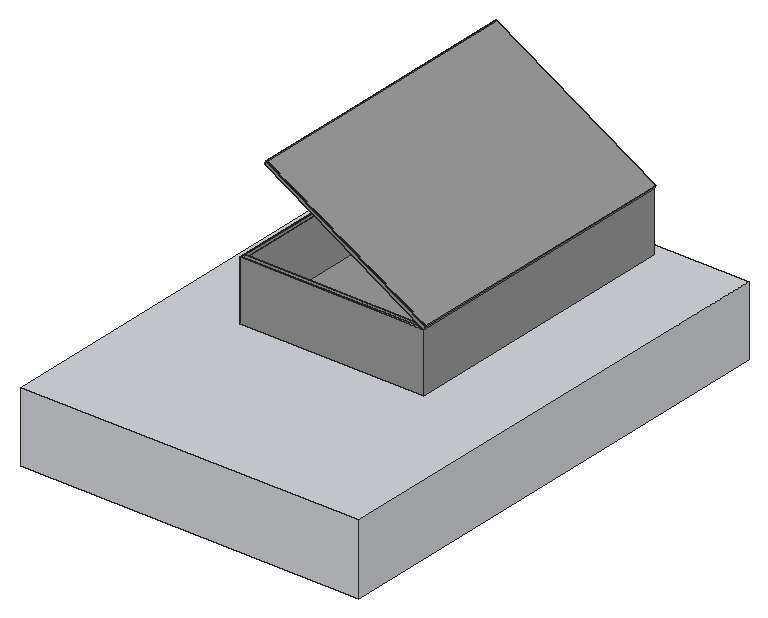
Revit family "Hager-Univers-IP55-D275-H1250-Cl.II-Steel_encl-CH-it", category Equipement électrique, Revit 2020
Family settings
  Hôte = Face
  Configuration du panneau = Deux colonnes, circuits au sein
  Cote de connecteur circulaire = Utiliser le diamètre
  Type d'élément = Tableau de raccordement
  Couper avec des vides une fois chargée = Non
  Partagée = Non
  Point de calcul de pièce = Non
Parameters (values of type "A parete IP55 L800 A1250 P275  - FR83S")
  Width Control [instance] = if([EF000008 - Larghezza] > Min Width, [EF000008 - Larghezza], Min Width)  # 800 mm
  Commentaires du type = [HG000003 - Gamma]  # "Univers"
  Thickness Door [instance] = if([EF009171 - spessore materiale porta/coperchio] > 3 mm, 3 mm, [EF009171 - spessore materiale porta/coperchio])  # 1.5 mm
  Seal Frame Offset [instance] = 17 mm  # constant formula
  Plinth Visibility [instance] = [HG000027 - Altezza dello zoccolo] > 0 mm  # no
  Model = ""
  Min Width [instance] = 100 mm  # constant formula
  Min Height [instance] = 100 mm  # constant formula
  Min Depth [instance] = (2 * [EF009170 - spessore materiale scatola]) + 1 mm  # 4 mm
  Internal Frame Depth [instance] = (Door System Depth * 0.5)  # 9 mm
  Height Control [instance] = if([EF000040 - Altezza] > Min Height, [EF000040 - Altezza], Min Height)  # 1250 mm
  HG000027 - Altezza dello zoccolo = 0 mm
  HG000026 - A pavimento = no
  HG000024 - Altezza della sezione inferiore = 800 mm
  HG000023 - Custodia a doppia sezione = no
  HG000016 - Visibilità delle porte nella vista 3D [instance] = yes
  HG000015 - Visibilità attraverso la porta [instance] = no
  HG000014 - Porta destra [instance] = yes
  HG000013 - Porta sinistra [instance] = not([HG000014 - Porta destra])  # no
  HG000012 - Angolo di apertura della porta [instance] = 30.00°
  HG000010 - Porte asimmetriche = no
  HG000009 - Porta doppia a battente = no
  HG000006 - Ad incasso = no
  HG000004 - Codice produttore = "FR83S"
  HG000003 - Gamma = "Univers"
  HG000002 - Con porta = yes
  Frame Offset Bottom [instance] = 10 mm  # constant formula
  Frame Offset [instance] = 15 mm  # constant formula
  EF015940 - Coprire con rilascio di sovrapressione = no
  EF011959 - tipo di protezione (NEMA) = ""
  EF009554 - numero delle aperture per la piastra della flangia = 6
  Fabricant = "Hager"  # constant formula
  EF009212 - esecuzione coperchio = "EV000116 - chiuso"
  EF009171 - spessore materiale porta/coperchio = 1.5 mm
  EF009170 - spessore materiale scatola = 1.5 mm
  EF008873 - corrente nominale (In) = 800 A
  EF007800 - adatto per parafulmine = no
  EF006306 - con serratura = no
  EF006244 - coperchio/porta trasparente = no
  EF005474 - grado di protezione (IP) = "EV006420 - IP55"
  EF004464 - tipo di porta = "EV002646 - singolo"
  EF004427 - numero di moduli = 288
  EF004293 - resistenza agli urti = "EV008784 - IK10"
  EF003532 - adatto per uso esterno = no
  EF002950 - Numero moduli DIN = 24
  EF001613 - Integrità del circuito = "EV000494 - senza"
  EF001596 - Attacco Lampada = "EV000179 - acciaio"
  EF001131 - profondità interna = 275 mm
  EF001088 - possibilità di applicazione = yes
  EF000437 - numero di ingressi per conduttori = 6
  EF000339 - tipo di copertura = "EV004216 - porta"
  EF000266 - numero di file = 8
  EF000218 - profondità di incasso = 0 mm
  EF000118 - con piastra di montaggio = no
  EF000116 - numero RAL = "7035"
  EF000049 - profondità = 275 mm
  EF000040 - Altezza = 1250 mm
  EF000008 - Larghezza = 800 mm
  EF000007 - colore = "EV000270 - grigio"
  EF000003 - Tipo di montaggio = "EV000384 - A parete"
  Door System Leaf Tolerance [instance] = 1.5 mm  # constant formula
  Door System Depth [instance] = 18 mm  # constant formula
  Door Height [instance] = Height Control - [HG000027 - Altezza dello zoccolo]  # 1250 mm
  Depth Control [instance] = if([EF000049 - profondità] > Min Depth, [EF000049 - profondità], Min Depth)  # 275 mm
  Default Elevation = 0 mm
  Connector Offset [instance] = Height Control / 2  # 625 mm
  Bottom Top Plate Trim [instance] = 1.5 mm  # constant formula
  Plinth height Ctrl [instance] = if([HG000027 - Altezza dello zoccolo] > 0 mm, [HG000027 - Altezza dello zoccolo], 12 mm)  # 12 mm
Types (5, lengths in mm): name | Width Control | HG000010 - Porte asimmetriche | HG000009 - Porta doppia a battente | HG000004 - Codice produttore | EF009554 - numero delle aperture per la piastra della flangia | EF004464 - tipo di porta | EF004427 - numero di moduli | EF000437 - numero di ingressi per conduttori | EF000008 - Larghezza
  A parete IP55 L1050 A1250 P275  - FR84S | 1050 | no | yes | "FR84S" | 8 | "EV003602 - doppio" | 384 | 8 | 1050
  A parete IP55 L1300 A1250 P275  - FR85S | 1300 | yes | yes | "FR85S" | 10 | "EV003602 - doppio" | 480 | 10 | 1300
  A parete IP55 L300 A1250 P275  - FR81S | 300 | no | no | "FR81S" | 2 | "EV002646 - singolo" | 96 | 2 | 300
  A parete IP55 L550 A1250 P275  - FR82S | 550 | no | no | "FR82S" | 4 | "EV002646 - singolo" | 192 | 4 | 550
  A parete IP55 L800 A1250 P275  - FR83S | 800 | no | no | "FR83S" | 6 | "EV002646 - singolo" | 288 | 6 | 800
Reference planes
  plane 1 "Center (Front/Back)": y = 0
  plane 2: z = 0
  plane 3 "Center (Left/Right)": x = 0
  plane 4: z = 275
  plane 5: y = 1.5
  plane 6: y = 625
  plane 7: y = 0
  plane 8: y = 1250
  plane 9: z = 0
  plane 10: x = -385
  plane 11: x = 385
  plane 12: x = 383.5
  plane 13: x = -383.5
  plane 14: y = 1248.5
  plane 15: x = -383
  plane 16: x = -400
  plane 17: x = 383
  plane 18: x = 400
  plane 19: x = 398.5
  plane 20: x = -398.5
  plane 21: y = 11.5
  plane 22: y = 1250
  plane 23: y = 1233.5
  plane 24: z = 257
  plane 25: z = 1.5
  plane 26: z = 255.5
  plane 27: z = 273.5
Forms (mm)
  Extrusion 1, solid
    sketch origin (0, 0, 0) x (1, 0, 0) y (0, 1, 0)
      loop
        line (-702.964, 1305) -> (-702.964, -811.445) -> (766.763, -811.445) -> (766.763, 1305) -> (-702.964, 1305)
    from 0 to -304.8
  Extrusion 2, solid, material "Hager_Steel_RAL7035_Light_Grey", visible <- "Plinth Visibility", detail levels medium+fine
    sketch origin (0, 0, 0) x (1, 0, 0) y (0, 1, 0)
      loop
        line (-400, 0) -> (400, 0) -> (400, 12) -> (-400, 12) -> (-400, 0)
    from 0 to 257
  Extrusion 3, solid, material "Hager_Steel_RAL7035_Light_Grey", detail levels medium+fine
    sketch origin (0, 0, 0) x (1, 0, 0) y (0, 1, 0)
      loop
        line (-400, 0) -> (400, 0) -> (400, 1250) -> (-400, 1250) -> (-400, 0)
    from 0 to 257
  Extrusion 4, void
    sketch origin (0, 0, 0) x (1, 0, 0) y (0, 1, 0)
      loop
        line (-398.5, 1.5) -> (398.5, 1.5) -> (398.5, 1248.5) -> (-398.5, 1248.5) -> (-398.5, 1.5)
    from 1.5 to 255.5
  Extrusion 5, void
    sketch origin (-381.607, -4572, 257) x (0, -1, 0) y (-1, 0, 0)
      loop
        line (-4583.5, 1.893) -> (-5805.5, 1.893) -> (-5805.5, -765.107) -> (-4583.5, -765.107) -> (-4583.5, 1.893)
    from 0 to 1.5 <- "EF009170 - spessore materiale scatola"
  Extrusion 6, solid, material "Hager_Steel_RAL7035_Light_Grey", detail levels fine
    sketch origin (0, 0, 257) x (1, 0, 0) y (0, 1, 0)
      loop
        line (-383.5, 1233.5) -> (-383.5, 11.5) -> (383.5, 11.5) -> (383.5, 1233.5) -> (-383.5, 1233.5)
      loop
        line (-385, 10) -> (385, 10) -> (385, 1235) -> (-385, 1235) -> (-385, 10)
    from 0 to 9 <- "Internal Frame Depth"
  Extrusion 7, solid, material "Hager_Steel_RAL7035_Light_Grey", detail levels coarse
    sketch origin (0, 0, 0) x (1, 0, 0) y (0, 1, 0)
      loop
        line (-400, 0) -> (400, 0) -> (400, 1250) -> (-400, 1250) -> (-400, 0)
    from 0 to 275
  Sweep 8, void
    path in 3D
      loop
        line (-400, 12, 0) -> (400, 12, 0) -> (400, 12, 257) -> (-400, 12, 257) -> (-400, 12, 0)
    profile origin (-400, 12, 128.5) x (-1, 0, 0) y (0, -1, 0)
      loop
        line (0, 0) -> (0, 1.5) -> (-1.5, 1.5)
        arc (-1.5, 1.5) -> (-1.061, 0.439) -> (0, 0) r 1.5
Cuts and joins
  Extrusion 4, Extrusion 5 cuts Extrusion 3
  Sweep 8 cuts Extrusion 2
Lines and regions (mm)
  Masking region 1
    outline origin (0, 0, 0) x (1, 0, 0) y (0, 0, 1)
      loop
        line (-400, 275) -> (-400, 0) -> (400, 0) -> (400, 275) -> (-400, 275)
  Masking region 2, detail levels medium+fine
    outline origin (0, 140, 0) x (0, 1, 0) y (0, 0, 1)
      loop
        line (-140, 0) -> (1110, 0) -> (1110, 257) -> (-140, 257) -> (-140, 0)
  Masking region 3, not visible, detail levels medium+fine
    outline origin (0, 297.922, 0) x (0, 1, 0) y (0, 0, 1)
      loop
        line (338.578, 0) -> (378.578, 0) -> (378.578, 263.5)
        arc (378.578, 263.5) -> (375.649, 270.571) -> (368.578, 273.5) r 10
        line (368.578, 273.5) -> (338.578, 273.5) -> (338.578, 0)
  Masking region 4, detail levels coarse
    outline origin (0, 0, 180) x (0, 1, 0) y (0, 0, 1)
      loop
        line (0, -180) -> (1250, -180) -> (1250, 95) -> (0, 95) -> (0, -180)
  Masking region 5, visible <- "Plinth Visibility", detail levels medium+fine
    outline origin (0, 52.24, 12.345) x (0, 0, -1) y (0, 1, 0)
      loop
        line (10.845, -40.24) -> (-243.155, -40.24)
        arc (-243.155, -40.24) -> (-243.594, -41.301) -> (-244.655, -41.74) r 1.5
        line (-244.655, -41.74) -> (-244.655, -52.24) -> (12.345, -52.24) -> (12.345, -41.74)
        arc (12.345, -41.74) -> (11.285, -41.301) -> (10.845, -40.24) r 1.5
  Masking region 6, detail levels medium+fine
    outline origin (-381.607, -4572, 257) x (-1, 0, 0) y (0, -1, 0)
      loop
        line (18.393, -5822) -> (18.393, -4572) -> (-781.607, -4572) -> (-781.607, -5822) -> (18.393, -5822)
  Masking region 7, visible <- "Plinth Visibility", detail levels medium+fine
    outline origin (-381.607, -4727, 257) x (-1, 0, 0) y (0, -1, 0)
      loop
        arc (16.893, -4739) -> (17.332, -4737.939) -> (18.393, -4737.5) r 1.5
        line (18.393, -4737.5) -> (18.393, -4727) -> (-781.607, -4727) -> (-781.607, -4737.5)
        arc (-781.607, -4737.5) -> (-780.546, -4737.939) -> (-780.107, -4739) r 1.5
        line (-780.107, -4739) -> (16.893, -4739)
  Masking region 8, detail levels coarse
    outline origin (-442.548, -4669.526, 257) x (-1, 0, 0) y (0, -1, 0)
      loop
        line (-42.548, -5919.526) -> (-42.548, -4669.526) -> (-842.548, -4669.526) -> (-842.548, -5919.526) -> (-42.548, -5919.526)
  sketch lines
    curve 1: line (-400, 12, 257) -> (-400, 12, 0)
    curve 2: line (400, 12, 257) -> (-400, 12, 257)
    curve 3: line (400, 12, 257) -> (400, 12, 0)
    curve 4: line (-400, 12, 0) -> (400, 12, 0)
Dimensions and locks
  "Depth Control": plane 4 to Extrusion 1
  "HG000027 - Altezza dello zoccolo": plane 1 "Center (Front/Back)" to plane 7
  "EF009170 - spessore materiale scatola": plane 5 to plane 7
  locked: connector elem to plane 3 "Center (Left/Right)"
  equal spacing: plane 8, plane 6, plane 7
  locked: connector elem to plane 6
  "EF009170 - spessore materiale scatola": plane 8 to plane 14
  "EF009170 - spessore materiale scatola": plane 10 to plane 13
  "EF009170 - spessore materiale scatola": plane 12 to plane 11
  "Frame Offset": plane 20 to plane 13
  "Frame Offset": plane 12 to plane 19
  "EF009170 - spessore materiale scatola": plane 16 to plane 20
  "EF009170 - spessore materiale scatola": plane 19 to plane 18
  "Seal Frame Offset": plane 16 to plane 15
  "Seal Frame Offset": plane 17 to plane 18
  "Frame Offset Bottom": plane 21 to plane 5
  "Frame Offset": plane 14 to plane 23
  equal spacing: plane 16, plane 3 "Center (Left/Right)", plane 18
  "Width Control": plane 16 to plane 18
  "EF009170 - spessore materiale scatola": plane 4 to plane 27
  "EF009170 - spessore materiale scatola": plane 24 to plane 26
  "EF009170 - spessore materiale scatola": plane 25 to level
  "Door System Depth": plane 4 to plane 24
  "Height Control": plane 1 "Center (Front/Back)" to Extrusion 7 sketch curve
  "Height Control": Masking region 4 sketch curve to plane 1 "Center (Front/Back)"
  "Height Control": plane 1 "Center (Front/Back)" to plane 22
  "Bottom Top Plate Trim": profile plane to Sweep 8 sketch curve
  "Bottom Top Plate Trim": Sweep 8 sketch curve to profile plane
  "Plinth height Ctrl": plane 1 "Center (Front/Back)" to Extrusion 2 sketch curve
  "Plinth height Ctrl": Masking region 5 sketch curve to plane 1 "Center (Front/Back)"
  "Plinth height Ctrl": plane 1 "Center (Front/Back)" to Masking region 7 sketch curve
  "Thickness Door": Extrusion 6 sketch curve to Extrusion 6 sketch curve  (x3)
  "Thickness Door": cut or joined group of Extrusion 3, Extrusion 4, Extrusion 5 to Extrusion 6 sketch curve
  radius of Masking region 3 sketch curve = 10 mm
  "Bottom Top Plate Trim": radius of Masking region 5 sketch curve  (x2)
  "Bottom Top Plate Trim": radius of Sweep 8 sketch curve
  "Bottom Top Plate Trim": radius of Masking region 7 sketch curve  (x2)
  aligned and locked: plane 2 to Extrusion 1
  aligned and locked: level to Extrusion 1
  aligned and locked: level to Masking region 1 sketch curve
  aligned and locked: Masking region 1 sketch curve to plane 18
  aligned and locked: Masking region 1 sketch curve to plane 16
  aligned and locked: plane 7 to Masking region 2 sketch curve
  aligned and locked: level to Masking region 3 sketch curve
  aligned and locked: Masking region 3 sketch curve to plane 27
  aligned and locked: level to Masking region 2 sketch curve
  aligned and locked: plane 1 "Center (Front/Back)" to Extrusion 2 sketch curve
  aligned and locked: Extrusion 3 sketch curve to plane 7
  aligned and locked: plane 16 to Extrusion 3 sketch curve
  aligned and locked: plane 18 to Extrusion 3 sketch curve
  aligned and locked: plane 20 to Extrusion 4 sketch curve
  aligned and locked: plane 19 to Extrusion 4 sketch curve
  aligned and locked: Extrusion 4 sketch curve to plane 5
  aligned and locked: Extrusion 4 to plane 25
  aligned and locked: plane 26 to Extrusion 4
  aligned and locked: plane 24 to Extrusion 3
  aligned and locked: Extrusion 5 sketch curve to plane 21
  aligned and locked: Extrusion 5 sketch curve to plane 13
  aligned and locked: Extrusion 5 sketch curve to plane 12
  aligned and locked: plane 18 to Extrusion 7 sketch curve
  aligned and locked: plane 1 "Center (Front/Back)" to Extrusion 7 sketch curve
  aligned and locked: plane 16 to Extrusion 7 sketch curve
  aligned and locked: plane 4 to Extrusion 7
  aligned and locked: Extrusion 7 to level
  aligned and locked: level to Masking region 4 sketch curve
  aligned and locked: Masking region 4 sketch curve to plane 1 "Center (Front/Back)"
  aligned and locked: Masking region 4 sketch curve to plane 4
  aligned and locked: nested 1 to level
  aligned and locked: nested 1 to plane 16
  aligned and locked: plane 8 to Extrusion 3 sketch curve
  aligned and locked: plane 23 to Extrusion 5 sketch curve
  aligned and locked: plane 14 to Extrusion 4 sketch curve
  aligned and locked: Masking region 2 sketch curve to plane 8
  aligned and locked: level to Masking region 5 sketch curve
  aligned and locked: plane 16 to Extrusion 2 sketch curve
  aligned and locked: plane 18 to Extrusion 2 sketch curve
  aligned and locked: Masking region 5 sketch curve to plane 24
  aligned and locked: Masking region 2 sketch curve to plane 24
  aligned and locked: plane 24 to Extrusion 2
  aligned and locked: profile plane to Sweep 8 sketch curve  (x2)
  aligned and locked: Masking region 6 sketch curve to plane 18
  aligned and locked: Masking region 6 sketch curve to plane 22
  aligned and locked: Masking region 6 sketch curve to plane 16
  aligned and locked: plane 8 to plane 22
  aligned and locked: Masking region 6 sketch curve to plane 7
  aligned and locked: Masking region 7 sketch curve to plane 16
  aligned and locked: Masking region 7 sketch curve to plane 1 "Center (Front/Back)"
  aligned and locked: Masking region 7 sketch curve to plane 18
  aligned and locked: Masking region 8 sketch curve to plane 1 "Center (Front/Back)"
  aligned and locked: Masking region 8 sketch curve to plane 18
  aligned and locked: Masking region 8 sketch curve to plane 22
  aligned and locked: Masking region 8 sketch curve to plane 16
  aligned and locked: nested 2 to plane 7
  aligned and locked: plane 3 "Center (Left/Right)" to nested 2
  aligned and locked: nested 2 to plane 24
  aligned and locked: Extrusion 6 sketch curve to cut or joined group of Extrusion 3, Extrusion 4, Extrusion 5  (x4)
Automatic sketch dimensions
  Extrusion 1 sketch curve to Extrusion 1 sketch curve = 1469.727 mm
  Extrusion 1 sketch curve to Extrusion 1 sketch curve = 2116.445 mm
  Masking region 1 sketch curve to plane 4 = 0 mm
  plane 6 to Masking region 3 sketch curve = 11.5 mm
  Masking region 3 sketch curve to Masking region 3 sketch curve = 30 mm
  Masking region 5 sketch curve to plane 1 "Center (Front/Back)" = 0 mm
Nested families
  nested 1: "Hager_Enclosure_Symbol" at (-400, 0, 0) x (1, 0, 0) z (0, -1, 0), Height <- "Depth Control", Width <- "Width Control", type "Hager_Enclosure_Symbol"
    with Width_Ctrl 800 mm, Width 800 mm, Height_Ctrl 275 mm, Height 275 mm, A_Width_Int 18.047 mm, A_Width 216.562 mm, A_Height_Ctrl 240.625 mm, A_Height 240.625 mm
  nested 2: "EC000058_Univers_Door" at (0, 0, 257) x (1, 0, 0) z (0, 1, 0), Leaf_Tolerance <- "Door System Leaf Tolerance", Angle <- "HG000012 - Angolo di apertura della porta", Door_Depth <- "Door System Depth", Door_Left <- "HG000013 - Porta sinistra", Transparent <- "EF006244 - coperchio/porta trasparente", Assymetrical <- "HG000010 - Porte asimmetriche", Width <- "Width Control", Clearance <- "HG000015 - Visibilità attraverso la porta", Double <- "HG000009 - Porta doppia a battente", 3d_Door <- "HG000016 - Visibilità delle porte nella vista 3D", Lock_Visibility <- "EF006306 - con serratura", Width_Ctrl <- "Width Control", Door_Right <- "HG000014 - Porta destra", Door <- "HG000002 - Con porta", Height <- "Door Height", Thickness <- "Thickness Door", type "EC000058_Univers_Door", detail levels medium+fine
    with min_wh 4 mm, Width_Ctrl 800 mm, Width 800 mm, Transparent no, Thickness 1.5 mm, Seal_Material Hager_Rubber, Lock_Visibility no, Lock_Material Hager_Plastic_RAL9005_Jet_Black, Leaf_Width 800 mm, Leaf_Tolerance_External_Sides 0 mm, Leaf_Tolerance 1.5 mm, Leaf_Offset 0 mm, Leaf_Height 1247 mm, Leaf_2_Width 800 mm, Leaf_2_Offset 400 mm, Leaf_1_Width 800 mm, Leaf_1_Offset 400 mm, Height_Ctrl 1250 mm, Height 1250 mm, Glass_Material Hager_Glass, Double_Clearance_Ctrl no, Double no, Door_Right_Ctrl yes, Door_Right yes, Door_Material Hager_Steel_RAL7035_Light_Grey, Door_Left_Ctrl no, Door_Left no, Door_Depth 18 mm, Door yes, Clearance_Material Hager_Clearance, Clearance_Depth 800 mm, Clearance_Ctrl no, Clearance no, Assymetrical no, Angle 30.00°, 3d_Door yes
Connectors
  electrical at (0, 625, 0)
    settings: on plane 9, index 1, voltage 0 V, apparent load 0 VA, apparent load phase1 0 VA, apparent load phase2 0 VA, apparent load phase3 0 VA, power factor 1, load classification "Other", number of poles 1, system type 30, power factor state 1, is connector primary yes, connector utility no, sub classification motor no, connector description ""
Definition of nested family "EC000058_Univers_Door"
  Parameters (values of type "EC000058_Univers_Door")
    min_wh [instance] = (2 * Thickness) + 1 mm  # 11 mm
    Width_Ctrl [instance] = 400 mm
    Width [instance] = 500 mm
    Transparent [instance] = yes
    Thickness [instance] = 5 mm
    Seal_Material [instance] = none
    Lock_Visibility [instance] = yes
    Lock_Material [instance] = none
    Leaf_Width [instance] = if((Width_Ctrl - 2 * Leaf_Tolerance_External_Sides) > 0 mm, (Width_Ctrl - 2 * Leaf_Tolerance_External_Sides), min_wh)  # 400 mm
    Leaf_Tolerance_External_Sides [instance] = 0 mm  # constant formula
    Leaf_Tolerance [instance] = 1.5 mm
    Leaf_Offset [instance] = 0 mm  # constant formula
    Leaf_Height [instance] = if((Height_Ctrl - 2 * Leaf_Tolerance) > 0 mm, (Height_Ctrl - 2 * Leaf_Tolerance), min_wh)  # 497 mm
    Leaf_2_Width [instance] = if(and(and(Double, Assymetrical), Door_Left), (Leaf_Width / 3) - (Leaf_Tolerance / 2), if(and(and(Double, Assymetrical), Door_Right), (Leaf_Width / 3) * 2 - (Leaf_Tolerance / 2), if(and(Double, not(Assymetrical)), (Leaf_Width / 2) - Leaf_Tolerance, Leaf_Width)))  # 400 mm
    Leaf_2_Offset [instance] = if(and(Double, Assymetrical), Leaf_2_Width / 2, if(and(Double, not(Assymetrical)), Leaf_Width / 4, Leaf_Width / 2))  # 200 mm
    Leaf_1_Width [instance] = if(and(and(Double, Assymetrical), Door_Right), (Leaf_Width / 3) - (Leaf_Tolerance / 2), if(and(and(Double, Assymetrical), Door_Left), (Width / 3) * 2 - (Leaf_Tolerance / 2), if(and(Double, not(Assymetrical)), (Leaf_Width / 2) - Leaf_Tolerance, Leaf_Width)))  # 400 mm
    Leaf_1_Offset [instance] = if(and(Double, Assymetrical), Leaf_1_Width / 2, if(and(Double, not(Assymetrical)), Leaf_Width / 4, Leaf_Width / 2))  # 200 mm
    Height_Ctrl [instance] = if(Height > min_wh, Height, min_wh)  # 500 mm
    Height [instance] = 500 mm
    Glass_Material [instance] = none
    Double_Clearance_Ctrl [instance] = and(Double, Clearance)  # no
    Double [instance] = no
    Door_Right_Ctrl [instance] = and(or(Door_Right, Double), Door)  # yes
    Door_Right [instance] = yes
    Door_Material [instance] = none
    Door_Left_Ctrl [instance] = and(or(Door_Left, Double), Door)  # no
    Door_Left [instance] = no
    Door_Depth [instance] = 30 mm
    Door [instance] = yes
    Default Elevation = 1219.2 mm
    Clearance_Material [instance] = none
    Clearance_Depth [instance] = if(Leaf_1_Width > Leaf_2_Width, Leaf_1_Width, Leaf_2_Width)  # 400 mm
    Clearance_Ctrl [instance] = and(not(Double), Clearance)  # yes
    Clearance [instance] = yes
    Assymetrical [instance] = yes
    Angle [instance] = 30.00°
    3d_Door [instance] = yes
  Reference planes
    plane 1 "Center (Front/Back)": y = 0
    plane 2 "Bottom": z = 0
    plane 3 "Center (Left/Right)": x = 0
    plane 4: z = 500
    plane 5: x = -200
    plane 6: x = 200
    plane 7: z = 500
    plane 8: x = -200
    plane 9: z = 0
    plane 10: x = 200
    plane 11: y = 0
    plane 12: z = 1.5
    plane 13: x = -600
    plane 14: y = -400
    plane 15: x = 600
    plane 16: x = 0
    plane 17: x = 0
    plane 18: x = -200
    plane 19: x = 200
    plane 20: z = 498.5
  Forms (mm)
    Extrusion 1, solid, material <- "Clearance_Material", visible <- "Double_Clearance_Ctrl"
      sketch origin (1200, 0, 0) x (1, 0, 0) y (0, 0, -1)
        loop
          line (-1800, -498.5) -> (-600, -498.5) -> (-600, 0) -> (-1800, 0) -> (-1800, -498.5)
      from 0 to -400
  Dimensions and locks
    equal spacing: plane 5, plane 3 "Center (Left/Right)", plane 6
    "Width_Ctrl": plane 5 to plane 6
    "Leaf_Offset": plane 5 to plane 8
    "Leaf_Offset": plane 6 to plane 10
    "Leaf_Offset": plane 9 to level
    "Leaf_Offset": plane 4 to plane 7
    "Height_Ctrl": plane 4 to level
    "Leaf_Tolerance": plane 12 to plane 9
    locked: plane 11 to plane 1 "Center (Front/Back)"
    "Leaf_1_Offset": plane 18 to plane 16
    "Leaf_2_Offset": plane 17 to plane 19
    "Leaf_1_Width": plane 13 to plane 8
    "Leaf_2_Width": plane 10 to plane 15
    "Clearance_Depth": plane 14 to plane 1 "Center (Front/Back)"
    "Leaf_Tolerance_External_Sides": plane 8 to plane 18
    "Leaf_Tolerance_External_Sides": plane 19 to plane 10
    "Leaf_Tolerance": plane 7 to plane 20
    aligned and locked: level to plane 2 "Bottom"
    aligned and locked: nested 1 to plane 16
    aligned and locked: nested 2 to plane 17
    aligned and locked: Extrusion 1 to plane 13
    aligned and locked: plane 15 to Extrusion 1
    aligned and locked: Extrusion 1 to plane 14
    aligned and locked: plane 12 to nested 1
    aligned and locked: nested 2 to plane 12
    aligned and locked: Extrusion 1 to plane 11
    aligned and locked: plane 20 to Extrusion 1
    aligned and locked: nested 2 to plane 11
    aligned and locked: nested 1 to plane 11
  Automatic sketch dimensions
    Extrusion 1 sketch curve to level = 0 mm
    plane 5 to Extrusion 1 sketch curve = 400 mm
    plane 6 to Extrusion 1 sketch curve = 400 mm
    Extrusion 1 sketch curve to plane 4 = 1.5 mm
  Nested families
    nested 1: "EC000058_Univers_Door_Leaf" at (0, 0, 1.5), Width <- "Leaf_1_Width", visible <- "Door_Left_Ctrl", Leaf_Height <- "Leaf_Height", Angle <- "Angle", 3d_Door <- "3d_Door", Transparent <- "Transparent", Clearance Material <- "Clearance_Material", Clearance <- "Clearance_Ctrl", Door_Material <- "Door_Material", Glass_Material <- "Glass_Material", Door_Depth <- "Door_Depth", Lock_Material <- "Lock_Material", Seal_Material <- "Seal_Material", Lock_Visibility <- "Lock_Visibility", Thickness <- "Thickness", type "EC000058_Univers_Door_Leaf"
      with Width 400 mm, Transparent_Glass_Offset 30 mm, Transparent_Ctrl yes, Transparent yes, Thickness 5 mm, Standard no, Seal_Material none, Seal_D2 8 mm, Seal_D1 1 mm, Offset_Internal_Frame 10 mm, Lock_Width 20 mm, Lock_Visibility_3d yes, Lock_Visibility yes, Lock_Thickness_3 3 mm, Lock_Thickness_2 1 mm, Lock_Thickness_1 3 mm, Lock_Radius_Offset_2 16 mm, Lock_Radius_Offset_1 15 mm, Lock_Radius_2 5 mm, Lock_Radius 6 mm, Lock_Offset 5 mm, Lock_Material none, Lock_Height 80 mm, Lock_Cover_Top_Offset_2d 17 mm, Lock_Cover_Height -65 mm, Leaf_Height 497 mm, Internal_Seal_Thickness 8 mm, Internal_Seal_Depth_2 4.5 mm, Internal_Frame_Depth 25 mm, Glass_Thickness -1 mm, Glass_Offset -2 mm, Glass_Material none, Door_Material none, Door_Depth 30 mm, Clearance Material none, Clearance yes, Angle_Ctrl 30.00°, Angle 30.00°, 3d_Door yes
    nested 2: "EC000058_Univers_Door_Leaf" at (0, 0, 1.5) x (-1, 0, 0) z (0, 0, 1), Width <- "Leaf_2_Width", visible <- "Door_Right_Ctrl", Leaf_Height <- "Leaf_Height", Angle <- "Angle", 3d_Door <- "3d_Door", Transparent <- "Transparent", Clearance Material <- "Clearance_Material", Clearance <- "Clearance_Ctrl", Door_Material <- "Door_Material", Glass_Material <- "Glass_Material", Door_Depth <- "Door_Depth", Lock_Material <- "Lock_Material", Seal_Material <- "Seal_Material", Lock_Visibility <- "Lock_Visibility", Thickness <- "Thickness", type "EC000058_Univers_Door_Leaf"
      with Width 400 mm, Transparent_Glass_Offset 30 mm, Transparent_Ctrl yes, Transparent yes, Thickness 5 mm, Standard no, Seal_Material none, Seal_D2 8 mm, Seal_D1 1 mm, Offset_Internal_Frame 10 mm, Lock_Width 20 mm, Lock_Visibility_3d yes, Lock_Visibility yes, Lock_Thickness_3 3 mm, Lock_Thickness_2 1 mm, Lock_Thickness_1 3 mm, Lock_Radius_Offset_2 16 mm, Lock_Radius_Offset_1 15 mm, Lock_Radius_2 5 mm, Lock_Radius 6 mm, Lock_Offset 5 mm, Lock_Material none, Lock_Height 80 mm, Lock_Cover_Top_Offset_2d 17 mm, Lock_Cover_Height -65 mm, Leaf_Height 497 mm, Internal_Seal_Thickness 8 mm, Internal_Seal_Depth_2 4.5 mm, Internal_Frame_Depth 25 mm, Glass_Thickness -1 mm, Glass_Offset -2 mm, Glass_Material none, Door_Material none, Door_Depth 30 mm, Clearance Material none, Clearance yes, Angle_Ctrl 30.00°, Angle 30.00°, 3d_Door yes
  Definition of nested family "EC000058_Univers_Door_Leaf"
    Parameters (values of type "EC000058_Univers_Door_Leaf")
      Width [instance] = 2000 mm
      Transparent_Glass_Offset [instance] = 30 mm
      Transparent_Ctrl [instance] = and(Transparent, [3d_Door])  # yes
      Transparent [instance] = yes
      Thickness [instance] = 5 mm
      Standard [instance] = and(not(Transparent), [3d_Door])  # no
      Seal_Material [instance] = none
      Seal_D2 [instance] = 8 mm  # constant formula
      Seal_D1 [instance] = 1 mm  # constant formula
      Offset_Internal_Frame [instance] = 10 mm  # constant formula
      Lock_Width [instance] = 20 mm  # constant formula
      Lock_Visibility_3d [instance] = and(Lock_Visibility, [3d_Door])  # yes
      Lock_Visibility [instance] = yes
      Lock_Thickness_3 [instance] = 3 mm  # constant formula
      Lock_Thickness_2 [instance] = 1 mm  # constant formula
      Lock_Thickness_1 [instance] = 3 mm  # constant formula
      Lock_Radius_Offset_2 [instance] = Lock_Radius_Offset_1 + 1 mm  # 16 mm
      Lock_Radius_Offset_1 [instance] = 15 mm  # constant formula
      Lock_Radius_2 [instance] = Lock_Radius - 1 mm  # 5 mm
      Lock_Radius [instance] = 6 mm  # constant formula
      Lock_Offset [instance] = 5 mm  # constant formula
      Lock_Material [instance] = none
      Lock_Height [instance] = 80 mm  # constant formula
      Lock_Cover_Top_Offset_2d [instance] = Lock_Radius_Offset_2 + 1 mm  # 17 mm
      Lock_Cover_Height [instance] = -(Lock_Height - Lock_Radius_Offset_1)  # -65 mm
      Leaf_Height [instance] = 2720.336 mm
      Internal_Seal_Thickness [instance] = 8 mm  # constant formula
      Internal_Seal_Depth_2 [instance] = 4.5 mm  # constant formula
      Internal_Frame_Depth [instance] = if(Door_Depth - Thickness > 5 mm, Door_Depth - Thickness, 5 mm)  # 25 mm
      Glass_Thickness [instance] = if(Thickness > 15 mm, Glass_Offset + 10 mm, -1 mm)  # -1 mm
      Glass_Offset [instance] = if(Thickness > 15 mm, -(Thickness + 10 mm) / 2, -2 mm)  # -2 mm
      Glass_Material [instance] = none
      Door_Material [instance] = none
      Door_Depth [instance] = 30 mm
      Default Elevation = 0 mm
      Clearance Material [instance] = none
      Clearance [instance] = yes
      Angle_Ctrl [instance] = if(Angle > 180.00°, 180.00°, Angle)  # 90.00°
      Angle [instance] = 90.00°
      3d_Door [instance] = yes
    Reference planes
      plane 1 "Center (Front/Back)": y = 0
      plane 2: z = 0
      plane 3 "Center (Left/Right)": x = 0
      plane 4: y = 2000
      plane 5: x = -1000
      plane 6: x = 1000
      plane 7: x = -3000
      plane 8: z = 2720.336
      plane 9: z = 30
      plane 10: z = 2690.336
      plane 11: x = 970
      plane 12: x = -970
      plane 13: y = -3
      plane 14: z = 107.833
      plane 15: y = -5
      plane 16: y = -223.314
      plane 17: x = -1000
      plane 18: z = 1360.168
      plane 19: y = 30
    Forms (mm)
      Extrusion 1, solid, material <- "Clearance Material", visible <- "Clearance"
        sketch origin (0, 0, 0) x (1, 0, 0) y (0, 0, 1)
          loop
            line (-3000, 2720.336) -> (-3000, 0) -> (1000, 0) -> (1000, 2720.336) -> (-3000, 2720.336)
        from 0 to -2000
      Extrusion 2, solid, material <- "Door_Material", visible <- "Standard", detail levels medium+fine
        sketch origin (-1000, 0, 0) x (0, 1, 0) y (-1, 0, 0)
          loop
            line (0, 30) -> (0, 25) -> (2000, 25) -> (2000, 30) -> (0, 30)
        from 0 to 2720.336 <- "Leaf_Height"
      Extrusion 3, solid, material <- "Door_Material", visible <- "Transparent_Ctrl", detail levels medium+fine
        sketch origin (-1000, 0, 0) x (0, 1, 0) y (-1, 0, 0)
          loop
            line (0, 25) -> (2000, 25) -> (2000, 30) -> (0, 30) -> (0, 25)
        from 0 to 2720.336 <- "Leaf_Height"
      Extrusion 4, void
        sketch origin (-1025, 2000, 0) x (0, 1, 0) y (0, 0, -1)
          loop
            line (-30, -2690.336) -> (-30, -30) -> (-1970, -30) -> (-1970, -2690.336) -> (-30, -2690.336)
        from 0 to 5 <- "Thickness"
      Sweep 5, solid, material <- "Seal_Material", visible <- "Transparent_Ctrl", detail levels fine
        path in 3D
          loop
            line (-1025, 30, 30) -> (-1025, 30, 2690.336) -> (-1025, 1970, 2690.336) -> (-1025, 1970, 30) -> (-1025, 30, 30)
        profile origin (-1025, 1000, 30) x (1, 0, 0) y (0, 0, 1)
          loop
            line (0, 0) -> (0, -8) -> (1, -8) -> (1, 0) -> (0, 0)
      Extrusion 6, solid, material <- "Glass_Material", visible <- "Transparent_Ctrl", detail levels medium+fine
        sketch origin (-1030, 0, 0) x (0, 1, 0) y (0, 0, -1)
          loop
            line (1970, -2690.336) -> (1970, -30) -> (30, -30) -> (30, -2690.336) -> (1970, -2690.336)
        from -2 <- "Glass_Offset" to -1 <- "Glass_Thickness"
      Extrusion 7, solid, material <- "Door_Material", visible <- "3d_Door", detail levels medium+fine
        sketch origin (-1025, 2000, 0) x (0, -1, 0) y (0, 0, -1)
          loop
            line (0, -2720.336) -> (2000, -2720.336) -> (2000, 0) -> (0, 0) -> (0, -2720.336)
          loop
            line (1995, -5) -> (5, -5) -> (5, -2715.336) -> (1995, -2715.336) -> (1995, -5)
        from 0 to 25 <- "Internal_Frame_Depth"
      Sweep 8, solid, material <- "Seal_Material", visible <- "Transparent_Ctrl", detail levels fine
        path in 3D
          loop
            line (-1025, 0, 0) -> (-1025, 2000, 0) -> (-1025, 2000, 2720.336) -> (-1025, 0, 2720.336) -> (-1025, 0, 0)
        profile origin (-1025, 0, 1360.168) x (1, 0, 0) y (0, 1, 0)
          loop
            line (0, 10) -> (2.975, 10)
            arc (2.975, 10) -> (4.053, 10.447) -> (4.5, 11.525) r 1.525
            line (4.5, 11.525) -> (4.5, 16.527)
            arc (4.5, 16.527) -> (4.069, 17.569) -> (3.027, 18) r 1.473
            line (3.027, 18) -> (0, 18) -> (0, 10)
      Extrusion 9, solid, material <- "Lock_Material", visible <- "Lock_Visibility_3d", detail levels fine
        sketch origin (-1030, 0, 0) x (0, 1, 0) y (0, 0, -1)
          loop
            arc (1993.5, -1400.168) -> (1994.561, -1399.729) -> (1995, -1398.668) r 1.5
            line (1995, -1398.668) -> (1995, -1320.168) -> (1975, -1320.168) -> (1975, -1398.668)
            arc (1975, -1398.668) -> (1975.439, -1399.729) -> (1976.5, -1400.168) r 1.5
            line (1976.5, -1400.168) -> (1993.5, -1400.168)
        from 3 <- "Lock_Thickness_1" to 0
      Blend 10, solid, material <- "Lock_Material", visible <- "Lock_Visibility_3d", detail levels fine
        base sketch origin (-1033, 0, 0) x (0, 1, 0) y (0, 0, -1)
          loop
            line (1975, -1320.168) -> (1975, -1398.668)
            arc (1975, -1398.668) -> (1975.439, -1399.729) -> (1976.5, -1400.168) r 1.5
            line (1976.5, -1400.168) -> (1993.5, -1400.168)
            arc (1993.5, -1400.168) -> (1994.561, -1399.729) -> (1995, -1398.668) r 1.5
            line (1995, -1398.668) -> (1995, -1320.168) -> (1975, -1320.168)
        top sketch origin (-1033, 0, 0) x (0, 1, 0) y (0, 0, -1)
          loop
            line (1976, -1320.168) -> (1976, -1398.668)
            arc (1976, -1398.668) -> (1976.146, -1399.022) -> (1976.5, -1399.168) r 0.5
            line (1976.5, -1399.168) -> (1993.5, -1399.168)
            arc (1993.5, -1399.168) -> (1993.854, -1399.022) -> (1994, -1398.668) r 0.5
            line (1994, -1398.668) -> (1994, -1320.168) -> (1976, -1320.168)
        from 0 to 1 <- "Lock_Thickness_2"
      Blend 11, solid, material <- "Lock_Material", visible <- "Lock_Visibility_3d", detail levels fine
        base sketch origin (-1034, 0, 0) x (0, 1, 0) y (0, 0, -1)
          loop
            line (1978, -1320.168) -> (1978, -1384.168)
            arc (1978, -1384.168) -> (1985, -1391.168) -> (1992, -1384.168) r 7
            line (1992, -1384.168) -> (1992, -1320.168) -> (1978, -1320.168)
        top sketch origin (-1034, 0, 0) x (0, 1, 0) y (0, 0, -1)
          loop
            line (1991, -1320.168) -> (1979, -1320.168) -> (1979, -1383.168)
            arc (1979, -1383.168) -> (1985, -1389.168) -> (1991, -1383.168) r 6
            line (1991, -1383.168) -> (1991, -1320.168)
        from 0 to 3 <- "Lock_Thickness_3"
      Extrusion 12, solid, material <- "Lock_Material", visible <- "Lock_Visibility_3d", detail levels fine
        sketch origin (-1030, 1975, 1320.168) x (1, 0, 0) y (0, -1, 0)
          loop
            line (-7, -19) -> (-7, -1) -> (0, -1) -> (0, 0) -> (-8, 0) -> (-8, -20) -> (0, -20) -> (0, -19) -> (-7, -19)
        from 0 to -65 <- "Lock_Cover_Height"
      Extrusion 13, void
        sketch origin (-1038, 1995, 1320.168) x (-1, 0, 0) y (0, 0, -1)
          loop
            line (-5, -65) -> (0, -65) -> (-5, -60) -> (-5, -65)
        from 0 to 20 <- "Lock_Width"
      Extrusion 14, void
        sketch origin (-1038, 1975, 1320.168) x (0, -1, 0) y (0, 0, -1)
          loop
            circle (-10, -15.995) r 6
          loop
            circle (-10, -15.995) r 5
        from 0 to 2
      Extrusion 15, solid, material <- "Lock_Material", visible <- "Lock_Visibility_3d", detail levels medium
        sketch origin (-1030, 0, 0) x (0, 1, 0) y (0, 0, -1)
          loop
            arc (1993.5, -1400.168) -> (1994.561, -1399.729) -> (1995, -1398.668) r 1.5
            line (1995, -1398.668) -> (1995, -1320.168) -> (1975, -1320.168) -> (1975, -1398.668)
            arc (1975, -1398.668) -> (1975.439, -1399.729) -> (1976.5, -1400.168) r 1.5
            line (1976.5, -1400.168) -> (1993.5, -1400.168)
        from 8 to 0
    Cuts and joins
      Extrusion 4 cuts Extrusion 3
      Extrusion 13, Extrusion 14 cuts Extrusion 9
      Extrusion 14 cuts Blend 11
      Extrusion 13, Extrusion 14 cuts Extrusion 12
      joined: Extrusion 9, Blend 10, Blend 11, Extrusion 12
      Extrusion 14 cuts Extrusion 15
    Lines and regions (mm)
      Masking region 1, visible <- "Lock_Visibility", detail levels fine
        outline origin (0, 0, 0) x (0, 1, 0) y (0, 0, 1)
          loop
            line (30, 1320.168) -> (33, 1320.168) -> (33, 1400.168) -> (30, 1400.168) -> (30, 1320.168)
      Masking region 2, visible <- "Lock_Visibility", detail levels fine
        outline origin (0, 3.143, 0) x (0, 1, 0) y (0, 0, 1)
          loop
            line (29.857, 1354.168) -> (30.857, 1354.168) -> (30.857, 1366.168) -> (29.857, 1366.168) -> (29.857, 1354.168)
      Masking region 3, detail levels medium+fine
        outline origin (0, 0, 0) x (0, 1, 0) y (0, 0, 1)
          loop
            line (0, 0) -> (30, 0) -> (30, 2720.336) -> (0, 2720.336) -> (0, 0)
      Masking region 4, detail levels medium+fine
        outline origin (0, 0, 0) x (1, 0, 0) y (0, 0, 1)
          loop
            line (-1000, 2720.336) -> (-1000, 0) -> (1000, 0) -> (1000, 2720.336) -> (-1000, 2720.336)
      Masking region 5, visible <- "Lock_Visibility", detail levels fine
        outline origin (-47.116, 0, 0) x (1, 0, 0) y (0, 0, 1)
          loop
            arc (1024.616, 1399.168) -> (1023.556, 1398.729) -> (1023.116, 1397.668) r 1.5
            line (1023.116, 1397.668) -> (1023.116, 1320.168) -> (1041.116, 1320.168) -> (1041.116, 1397.668)
            arc (1041.116, 1397.668) -> (1040.677, 1398.729) -> (1039.616, 1399.168) r 1.5
            line (1039.616, 1399.168) -> (1024.616, 1399.168)
      Masking region 6, visible <- "Lock_Visibility", detail levels medium+fine
        outline origin (-25, 0, 0) x (1, 0, 0) y (0, 0, 1)
          loop
            arc (1001.5, 1400.168) -> (1000.439, 1399.729) -> (1000, 1398.668) r 1.5
            line (1000, 1398.668) -> (1000, 1320.168) -> (1020, 1320.168) -> (1020, 1398.668)
            arc (1020, 1398.668) -> (1019.561, 1399.729) -> (1018.5, 1400.168) r 1.5
            line (1018.5, 1400.168) -> (1001.5, 1400.168)
      Masking region 7, visible <- "Lock_Visibility", detail levels fine
        outline origin (-73.735, 0, 0) x (1, 0, 0) y (0, 0, 1)
          loop
            line (1051.735, 1382.168) -> (1065.735, 1382.168) -> (1065.735, 1384.168)
            arc (1065.735, 1384.168) -> (1058.735, 1391.168) -> (1051.735, 1384.168) r 7
            line (1051.735, 1384.168) -> (1051.735, 1382.168)
      Masking region 8, visible <- "Lock_Visibility", detail levels fine
        outline origin (-73.735, 0, 0) x (1, 0, 0) y (0, 0, 1)
          loop
            line (1052.735, 1382.168) -> (1064.735, 1382.168) -> (1064.735, 1383.168)
            arc (1064.735, 1383.168) -> (1058.735, 1389.168) -> (1052.735, 1383.168) r 6
            line (1052.735, 1383.168) -> (1052.735, 1382.168)
      Masking region 9, visible <- "Lock_Visibility", detail levels fine
        outline origin (-25, 0, 0) x (1, 0, 0) y (0, 0, 1)
          loop
            line (1020, 1320.168) -> (1020, 1382.168) -> (1000, 1382.168) -> (1000, 1320.168) -> (1020, 1320.168)
      Masking region 10, detail levels medium+fine
        outline origin (0, 0, 0) x (1, 0, 0) y (0, 0, 1)
          loop
            circle (985, 1335.144) r 6
      Masking region 11, detail levels fine
        outline origin (0, 0, 0) x (1, 0, 0) y (0, 0, 1)
          loop
            circle (985, 1335.144) r 5
      Masking region 12, visible <- "Lock_Visibility", detail levels fine
        outline origin (0, 12.767, 0) x (0, 1, 0) y (0, 0, 1)
          loop
            line (20.233, 1320.168) -> (21.233, 1320.168) -> (21.233, 1399.168) -> (20.233, 1400.168) -> (20.233, 1320.168)
      Masking region 13, visible <- "Lock_Visibility", detail levels fine
        outline origin (0, 13.767, -10) x (0, 1, 0) y (0, 0, 1)
          loop
            line (20.233, 1330.168) -> (23.233, 1330.168) -> (23.233, 1399.168) -> (20.233, 1402.168) -> (20.233, 1330.168)
      Masking region 14, visible <- "Lock_Visibility", detail levels fine
        outline origin (0, 12.767, -10) x (0, 1, 0) y (0, 0, 1)
          loop
            line (20.233, 1330.168) -> (25.233, 1330.168) -> (25.233, 1399.305) -> (20.233, 1394.305) -> (20.233, 1330.168)
      Masking region 15, visible <- "Lock_Visibility", detail levels medium
        outline origin (0, 0, 0) x (0, 1, 0) y (0, 0, 1)
          loop
            line (30, 1320.168) -> (38, 1320.168) -> (38, 1400.168) -> (30, 1400.168) -> (30, 1320.168)
      Masking region 16, visible <- "Lock_Visibility", detail levels fine
        outline origin (-1000, 0, 0) x (0, 1, 0) y (-1, 0, 0)
          loop
            line (1975, 30) -> (1995, 30) -> (1995, 38) -> (1975, 38) -> (1975, 30)
          loop
            line (1979, 37) -> (1976, 37) -> (1976, 34) -> (1978, 34) -> (1979, 37)
          loop
            line (1994, 37) -> (1991, 37) -> (1992, 34) -> (1994, 34) -> (1994, 37)
      Masking region 17, visible <- "Lock_Visibility", detail levels medium
        outline origin (-1000, 0, 0) x (0, 1, 0) y (-1, 0, 0)
          loop
            line (1975, 30) -> (1995, 30) -> (1995, 38) -> (1975, 38) -> (1975, 30)
      symbolic lines
        curve 1: line (1000, 0, 0) -> (-3000, 0, 0)
        curve 2: arc (1000, 0, 0) -> (-1000, 2000, 0) -> (-3000, 0, 0) r 2000
        curve 4: line (-1030, 0, 0) -> (-1030, 2000, 0)
      reference lines
        curve 3: line (-1000, 0, 0) -> (-1000, 2000, 0)
      symbolic lines, detail levels medium+fine
        curve 5: line (-1030, 2000, 0) -> (-1025, 2000, 0)
        curve 7: line (-1025, 0, 0) -> (-1030, 0, 0)
        curve 8: line (-1025, 0, 0) -> (-1000, 0, 0)
        curve 9: line (-1000, 0, 0) -> (-1000, 2000, 0)
        curve 10: line (-1000, 2000, 0) -> (-1025, 2000, 0)
      symbolic lines, detail levels fine
        curve 6: line (-1025, 2000, 0) -> (-1025, 0, 0)
      sketch lines
        curve 11: line (-1025, 0, 2720.336) -> (-1025, 0, 0)
        curve 12: line (-1025, 2000, 0) -> (-1025, 0, 0)
        curve 13: line (-1025, 2000, 2720.336) -> (-1025, 2000, 0)
        curve 14: line (-1025, 0, 2720.336) -> (-1025, 2000, 2720.336)
        curve 15: line (-1025, 1970, 30) -> (-1025, 30, 30)
        curve 16: line (-1025, 30, 30) -> (-1025, 30, 2690.336)
        curve 17: line (-1025, 1970, 2690.336) -> (-1025, 1970, 30)
        curve 18: line (-1025, 30, 2690.336) -> (-1025, 1970, 2690.336)
      symbolic lines, visible <- "Transparent", detail levels medium+fine
        curve 19: line (-970, 0, 2690.336) -> (970, 0, 2690.336)
        curve 20: line (-970, 0, 30) -> (-970, 0, 2690.336)
        curve 21: line (970, 0, 30) -> (-970, 0, 30)
        curve 22: line (970, 0, 2690.336) -> (970, 0, 30)
    Dimensions and locks
      "Width": plane 1 "Center (Front/Back)" to plane 4
      equal spacing: plane 5, plane 3 "Center (Left/Right)", plane 6
      "Width": plane 5 to plane 6
      "Width": plane 7 to plane 5
      "Leaf_Height": plane 8 to level
      "Width": curve 5 to curve 3
      "Width": curve 3 to curve 3
      plane 8 to plane 10 = 30 mm
      plane 9 to level = 30 mm
      plane 12 to plane 5 = 30 mm
      plane 6 to plane 11 = 30 mm
      Extrusion 1 to Extrusion 4 sketch curve = 30 mm
      "Transparent_Glass_Offset": curve 3 to Extrusion 4 sketch curve
      "Transparent_Glass_Offset": Extrusion 4 sketch curve to cut or joined group of Extrusion 3, Extrusion 4  (x2)
      cut or joined group of Extrusion 3, Extrusion 4 to Extrusion 6 sketch curve = 30 mm
      "Transparent_Glass_Offset": cut or joined group of Extrusion 3, Extrusion 4 to Extrusion 4 sketch curve
      "Thickness": curve 6 to curve 4
      "Thickness": Extrusion 7 sketch curve to Extrusion 7 sketch curve  (x4)
      "Door_Depth": curve 4 to curve 3
      "Offset_Internal_Frame": profile plane to Sweep 8 sketch curve
      "Internal_Seal_Thickness": Sweep 8 sketch curve to Sweep 8 sketch curve
      "Internal_Seal_Depth_2": profile plane to Sweep 8 sketch curve
      "Seal_D1": profile plane to Sweep 5 sketch curve
      "Seal_D2": profile plane to Sweep 5 sketch curve
      "Thickness": Extrusion 2 sketch curve to Extrusion 2 sketch curve
      equal spacing: Extrusion 9 sketch curve, plane 18, Extrusion 9 sketch curve  (x2)
      equal spacing: Masking region 1 sketch curve, plane 18, Masking region 1 sketch curve
      "Lock_Height": Masking region 1 sketch curve to Masking region 1 sketch curve
      "Lock_Radius": Masking region 2 sketch curve to plane 18 to Masking region 2 sketch curve
      Masking region 2 sketch curve to Masking region 1 = 1 mm
      "Door_Depth": plane 19 to plane 1 "Center (Front/Back)"
      "Lock_Thickness_1": Masking region 1 sketch curve to plane 19
      "Lock_Width": Extrusion 9 sketch curve to Extrusion 9 sketch curve
      "Lock_Height": Extrusion 9 sketch curve to Extrusion 9 sketch curve
      "Lock_Offset": cut or joined group of Extrusion 3, Extrusion 4 to Extrusion 9 sketch curve
      equal spacing: plane 8, plane 18, level
      "Lock_Radius_Offset_1": Blend 11 sketch curve to Blend 10
      locked: Blend 10 to Blend 11 sketch curve at 2  (x2)
      locked: var sketch to Blend 11 sketch curve at 1  (x2)
      "Lock_Radius_Offset_2": Blend 11 sketch curve to Blend 10
      locked: Extrusion 12 sketch curve to Extrusion 12 sketch curve at 1  (x3)
      Masking region 6 sketch curve to Masking region 6 sketch curve = 80 mm
      "Lock_Height": Masking region 6 sketch curve to Masking region 6 sketch curve
      "Lock_Width": Masking region 6 sketch curve to Masking region 6 sketch curve
      locked: Masking region 6 to Masking region 5 sketch curve at 1  (x3)
      locked: Masking region 5 to Masking region 7 sketch curve at 2  (x2)
      "Lock_Radius_Offset_1": Masking region 5 to Masking region 7 sketch curve
      "Lock_Radius_Offset_2": Masking region 5 to Masking region 8 sketch curve
      locked: Masking region 7 to Masking region 8 sketch curve at 1  (x2)
      "Lock_Cover_Top_Offset_2d": Masking region 5 to Masking region 9 sketch curve
      equal spacing: Masking region 9, Masking region 10 sketch curve, Masking region 9
      equal spacing: Masking region 9, Masking region 11 sketch curve, Masking region 9
      Extrusion 15 sketch curve to Extrusion 15 sketch curve = 80 mm
      "Lock_Width": Extrusion 15 sketch curve to Extrusion 15 sketch curve
      "Lock_Height": Extrusion 15 sketch curve to Extrusion 15 sketch curve
      equal spacing: Extrusion 15 sketch curve, plane 18, Extrusion 15 sketch curve
      "Lock_Thickness_3": Masking region 13 sketch curve to Masking region 13 sketch curve
      "Lock_Height": Masking region 12 sketch curve to Masking region 12 sketch curve
      locked: Masking region 13 sketch curve to Masking region 1 at 8
      locked: Masking region 14 sketch curve to Masking region 13 at 1
      locked: Masking region 14 sketch curve to Masking region 1 at 10.863
      "Lock_Height": Masking region 15 sketch curve to Masking region 15 sketch curve
      "Lock_Offset": Extrusion 15 sketch curve to cut or joined group of Extrusion 3, Extrusion 4
      "Lock_Offset": plane 6 to Masking region 6 sketch curve
      radius of Sweep 8 sketch curve = 1.525 mm
      radius of Sweep 8 sketch curve = 1.473 mm
      radius of Extrusion 9 sketch curve = 1.5 mm  (x2)
      "Lock_Radius": radius of Extrusion 14 sketch curve
      "Lock_Radius_2": radius of Extrusion 14 sketch curve
      "Lock_Radius": radius of Masking region 10 sketch curve
      "Lock_Radius_2": radius of Masking region 11 sketch curve
      radius of Extrusion 15 sketch curve = 1.5 mm  (x2)
      "Angle_Ctrl": angle plane 1 "Center (Front/Back)" to curve 3
      locked: Masking region 12 sketch curve to Masking region 12 sketch curve (angle 45.00°)
      locked: Masking region 13 sketch curve to Masking region 13 sketch curve (angle 45.00°)
      locked: Masking region 14 sketch curve to Masking region 14 sketch curve (angle 45.00°)
      aligned and locked: level to plane 2
      aligned and locked: Extrusion 1 to curve 1
      aligned and locked: plane 6 to Extrusion 1
      aligned and locked: Extrusion 1 to plane 1 "Center (Front/Back)"
      aligned and locked: plane 4 to Extrusion 1
      aligned and locked: plane 8 to Extrusion 1
      aligned and locked: curve 7 to Extrusion 2 sketch curve
      aligned and locked: curve 5 to Extrusion 2 sketch curve
      aligned and locked: curve 7 to Extrusion 3 sketch curve
      aligned and locked: Extrusion 3 sketch curve to curve 4
      aligned and locked: Extrusion 3 sketch curve to curve 6
      aligned and locked: Extrusion 3 sketch curve to curve 5
      aligned and locked: curve 9 to curve 3
      aligned and locked: Extrusion 7 sketch curve to cut or joined group of Extrusion 3, Extrusion 4  (x4)
      aligned and locked: plane 17 to curve 3
      aligned and locked: plane 1 "Center (Front/Back)" to curve 3
      aligned and locked: plane 17 to plane 5
      aligned and locked: Sweep 8 sketch curve to profile plane
      aligned and locked: Sweep 5 sketch curve to profile plane  (x2)
      aligned and locked: Masking region 1 to Masking region 2 sketch curve
      aligned and locked: plane 19 to Masking region 1 sketch curve
      aligned and locked: plane 1 "Center (Front/Back)" to Masking region 3 sketch curve
      aligned and locked: plane 19 to Masking region 3 sketch curve
      aligned and locked: level to Masking region 3 sketch curve
      aligned and locked: Masking region 3 sketch curve to plane 8
      aligned and locked: plane 17 to Masking region 4 sketch curve
      aligned and locked: level to Masking region 4 sketch curve
      aligned and locked: Masking region 4 sketch curve to plane 8
      aligned and locked: plane 12 to curve 20
      aligned and locked: plane 10 to curve 19
      aligned and locked: plane 11 to curve 22
      aligned and locked: curve 21 to plane 9
      aligned and locked: Extrusion 2 sketch curve to cut or joined group of Extrusion 3, Extrusion 4
      aligned and locked: Blend 10 sketch curve to Extrusion 9  (x4)
      aligned and locked: Extrusion 9 to Blend 10 sketch curve
      aligned and locked: Blend 10 to Blend 11 sketch curve
      aligned and locked: Extrusion 12 sketch curve to Blend 11
      aligned and locked: Extrusion 12 sketch curve to Extrusion 9  (x4)
      aligned and locked: Masking region 5 sketch curve to Masking region 6
      aligned and locked: Masking region 9 sketch curve to Masking region 6  (x3)
      aligned and locked: Masking region 12 sketch curve to Masking region 1
      aligned and locked: Masking region 13 sketch curve to Masking region 1
      aligned and locked: Masking region 12 to Masking region 14
      aligned and locked: Masking region 14 sketch curve to Masking region 1
      aligned and locked: Masking region 15 sketch curve to Masking region 14
      aligned and locked: Masking region 13 sketch curve to Masking region 12
      aligned and locked: Masking region 16 sketch curve to cut or joined group of Extrusion 14, Extrusion 15  (x4)
      aligned and locked: Masking region 16 sketch curve to cut or joined group of Extrusion 9, Blend 10, Blend 11, Extrusion 12, Extrusion 13, Extrusion 14  (x6)
      aligned and locked: cut or joined group of Extrusion 9, Blend 10, Blend 11, Extrusion 12, Extrusion 13, Extrusion 14 to Masking region 16 sketch curve
      aligned and locked: Masking region 17 sketch curve to cut or joined group of Extrusion 14, Extrusion 15  (x3)
      aligned and locked: Masking region 17 sketch curve to cut or joined group of Extrusion 9, Blend 10, Blend 11, Extrusion 12, Extrusion 13, Extrusion 14
      aligned and locked: Masking region 9 to Masking region 8 sketch curve
      aligned and locked: Masking region 9 to Masking region 7 sketch curve
    Automatic sketch dimensions
      plane 1 "Center (Front/Back)" to curve 2 = 0 mm
      curve 2 to plane 5 = 0 mm
      Extrusion 1 sketch curve to level = 0 mm
      Extrusion 1 sketch curve to plane 7 = 0 mm
      Extrusion 1 sketch curve to plane 6 = 0 mm
      Extrusion 1 sketch curve to plane 8 = 0 mm
      Extrusion 3 to Extrusion 6 sketch curve = 30 mm  (x4)
      Masking region 4 sketch curve to plane 6 = 0 mm
      Blend 10 sketch curve to Extrusion 9 = 1.5 mm
      Blend 10 sketch curve to Extrusion 9 = 1 mm
      Extrusion 13 sketch curve to Extrusion 12 = 0 mm  (x2)
      Extrusion 12 to Extrusion 13 sketch curve = 3 mm
      Extrusion 13 sketch curve to Extrusion 12 = 5 mm
      Extrusion 14 sketch curve to Extrusion 14 sketch curve = 0 mm  (x2)
      Extrusion 14 sketch curve to Extrusion 12 = 10 mm
      Extrusion 14 sketch curve to Extrusion 12 = 15.995 mm
      Masking region 5 sketch curve to Masking region 5 sketch curve = 1.5 mm  (x2)
      Masking region 10 sketch curve to plane 18 = 25.024 mm
      Masking region 11 sketch curve to plane 18 = 25.024 mm
      plane 19 to Masking region 14 sketch curve = 3 mm
      Masking region 16 sketch curve to Masking region 16 sketch curve = 3 mm
      curve 4 to curve 3 = 0 mm
      Blend 10 to Blend 11 sketch curve = 0 mm
      Masking region 6 sketch curve to Masking region 6 sketch curve = 1.5 mm  (x2)
      Masking region 6 sketch curve to plane 18 = 40 mm
      plane 19 to Masking region 12 sketch curve = 3 mm
      Masking region 12 sketch curve to Masking region 12 sketch curve = 1 mm
      Masking region 15 sketch curve to plane 19 = 0 mm
      Masking region 15 sketch curve to plane 18 = 40 mm
      radius of Blend 10 sketch curve to Extrusion 9 = 1 mm
Definition of nested family "Hager_Enclosure_Symbol"
  Parameters (values of type "Hager_Enclosure_Symbol")
    Width_Ctrl [instance] = if(Width > 1 mm, Width, 1 mm)  # 102.27 mm
    Width [instance] = 102.27 mm
    Height_Ctrl [instance] = if(Height > 1 mm, Height, 1 mm)  # 66.5 mm
    A_Width_Int [instance] = if(A_Width / 12 > 2 mm, A_Width / 12, 2 mm)  # 4.364 mm
    A_Width [instance] = if(A_Height_Ctrl * 0.9 > 2 mm, A_Height_Ctrl * 0.9, 2 mm)  # 52.369 mm
    A_Height_Ctrl [instance] = if(A_Height > 2 mm, A_Height, 2 mm)  # 58.188 mm
    Height [instance] = 66.5 mm
    A_Height [instance] = Height - (Height / 8)  # 58.188 mm
  Reference planes
    plane 1 "Centre (avant/arrière)": y = 0
    plane 2: z = 0
    plane 3 "Centre (gauche/droite)": x = 0
    plane 4: x = 52.369
    plane 5: y = 33.042
    plane 6: y = 41.77
    plane 7: y = 66.5
    plane 8: x = 26.184
    plane 9: y = 37.406
    plane 10: x = 102.27
    plane 11: y = 66.5
    plane 12: y = 8.313
  Lines and regions (mm)
    Filled region 1, type "Solid_Black", in view "Niveau de réf."
      outline origin (0, 0, 0) x (1, 0, 0) y (0, 1, 0)
        loop
          line (52.369, 66.5) -> (33.188, 54.536) -> (45.365, 45.006) -> (52.369, 66.5)
    Filled region 2, type "Solid_Black", in view "Niveau de réf."
      outline origin (0, 0, 0) x (1, 0, 0) y (0, 1, 0)
        loop
          line (0, 0) -> (102.27, 0) -> (102.27, 66.5) -> (0, 0)
    detail lines, in view "Niveau de réf."
      curve 1: line (0, 8.313, 0) -> (26.184, 41.77, 0)
      curve 2: line (26.184, 41.77, 0) -> (26.184, 33.042, 0)
      curve 3: line (26.184, 33.042, 0) -> (52.369, 66.5, 0)
  Dimensions and locks
    "A_Width": plane 3 "Centre (gauche/droite)" to plane 4
    equal spacing: plane 3 "Centre (gauche/droite)", plane 8, plane 4
    equal spacing: plane 6, plane 9, plane 5
    equal spacing: curve 3, Filled region 1 sketch curve, Filled region 1 sketch curve
    "Height_Ctrl": plane 1 "Centre (avant/arrière)" to plane 11
    "A_Height_Ctrl": plane 11 to plane 12
    equal spacing: plane 11, plane 9, plane 12
    "A_Width_Int": plane 6 to plane 9
    "Width_Ctrl": plane 3 "Centre (gauche/droite)" to plane 10
    angle Filled region 1 sketch curve to curve 3 = 20.00°
    angle curve 3 to Filled region 1 sketch curve = 20.00°
    locked: curve 3 to Filled region 1 sketch curve (angle 90.00°)
    aligned and locked: plane 10 to Filled region 2
    aligned and locked: plane 11 to Filled region 2 sketch curve
    aligned and locked: plane 10 to Filled region 2 sketch curve
    aligned and locked: plane 3 "Centre (gauche/droite)" to curve 1
    aligned and locked: plane 12 to curve 1
    aligned and locked: plane 7 to plane 11
  Automatic sketch dimensions
    Filled region 1 sketch curve to plane 4 = 0 mm
    Filled region 1 sketch curve to plane 7 = 0 mm
    plane 1 "Centre (avant/arrière)" to Filled region 2 sketch curve = 0 mm
    Filled region 2 sketch curve to plane 3 "Centre (gauche/droite)" = 0 mm
    curve 2 to plane 6 = 0 mm
    curve 2 to plane 8 = 0 mm
    curve 3 to plane 4 = 0 mm
    curve 2 to plane 5 = 0 mm
    curve 3 to plane 7 = 0 mm
